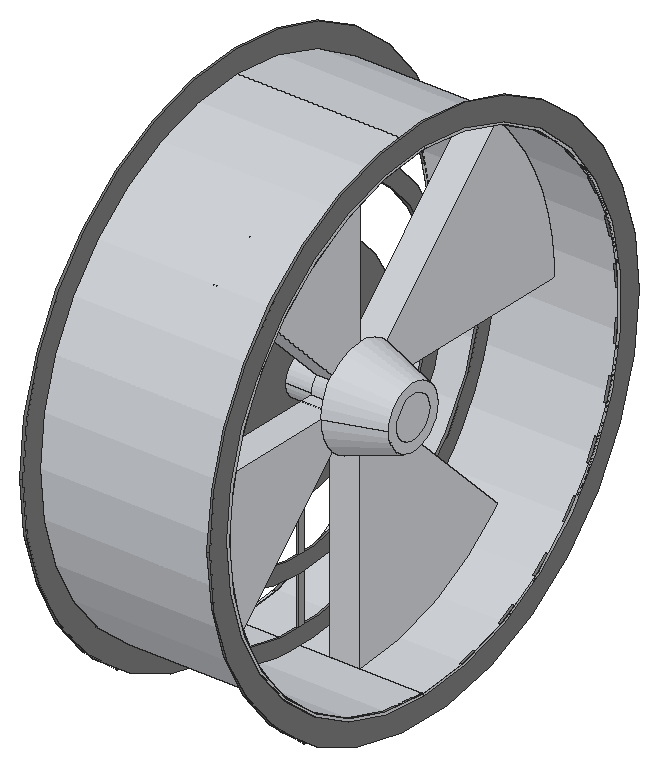
Revit family "НЕВАТОМ_Вентилятор VO фланцевое, версия 1", category Оборудование, Revit 2017
Family settings
  Размер круглого соединителя = Использовать диаметр
  Тип детали = Нормальный
  На основе рабочей плоскости = Нет
  Всегда вертикально = Да
  При загрузке вырезать с полостями = Нет
  Общий = Нет
  Точка расчета площади = Нет
Parameters (values of type "VO 630-4E")
  С = 250 mm
  А = 674 mm
  Nevatom_URL = "https://t.me/NEVATOM_Bim_bot"
  D2.1 = D2 - D / 5  # 300.067 mm
  D2 = D1.1 - D / 15  # 428.667 mm
  D1.1 = D1 - D / 5  # 471.533 mm
  D1 = D - D / 15  # 600.133 mm
  D верх вент = D / 8  # 80.375 mm
  H = 221 mm
  D* = D / 12  # 53.583 mm
  D осн вент = D / 5  # 128.6 mm
  D = 643 mm
  B = 707 mm
  ADSK_Частота вращения вентилятора = 1315
  ADSK_Ток = 3.5 A
  ADSK_Размер_Ширина = С  # 250 mm
  ADSK_Размер_Длина = B  # 707 mm
  ADSK_Размер_Высота = B  # 707 mm
  ADSK_Примечание = ""
  ADSK_Полная мощность = 0.81 kW
  ADSK_Позиция = ""
  ADSK_Напряжение = 230 V
  ADSK_Наименование = "Вентилятор осевой"  # constant formula
  ADSK_Материал наименование = "Оцинкованная сталь"  # constant formula
  ADSK_Масса_Текст = "15.0 кг"
  ADSK_Масса = 15
  ADSK_Марка = "VO 630-4E-01"
  ADSK_Количество = 1  # constant formula
  ADSK_Код изделия = ""
  ADSK_Завод-изготовитель = "НЕВАТОМ"  # constant formula
  ADSK_Единица измерения = "шт."
Types (15, lengths in mm): name | С | А | D2.1 | D2 | D1.1 | D1 | D верх вент | H | D* | D осн вент | D | B | ADSK_Частота вращения вентилятора | ADSK_Ток | ADSK_Размер_Ширина | ADSK_Размер_Длина | ADSK_Размер_Высота | ADSK_Полная мощность | ADSK_Напряжение | ADSK_Масса_Текст | ADSK_Масса | ADSK_Марка
  (no name) | 250 | 674 | 300.067 | 428.667 | 471.533 | 600.133 | 80.375 | 221 | 53.583 | 128.6 | 643 | 707 | 1315 | 3.5 A | 250 | 707 | 707 | 0.81 kW | 230 V | "15.0 кг" | 15 | "VO 630-4E-01"
  VO 200-4E | 180 | 230 | 97.067 | 138.667 | 152.533 | 194.133 | 26 | 126 | 17.333 | 41.6 | 208 | 250 | 1460 | 0.12 A | 180 | 250 | 250 | 0.03 kW | 230 V | "1.9 кг" | 1.9 | "VO 200-4Е-01"
  VO 250-4E | 180 | 285 | 121.333 | 173.333 | 190.667 | 242.667 | 32.5 | 134 | 21.667 | 52 | 260 | 310 | 1380 | 0.22 A | 180 | 310 | 310 | 0.05 kW | 230 V | "2.5 кг" | 2.5 | "VO 250-4Е-01"
  VO 300-4Е | 180 | 356 | 144.667 | 206.667 | 227.333 | 289.333 | 38.75 | 158 | 25.833 | 62 | 310 | 382 | 1370 | 0.38 A | 180 | 382 | 382 | 0.09 kW | 230 V | "3.2 кг" | 3.2 | "VO 300-4Е-01"
  VO 350-4Е | 180 | 395 | 167.533 | 239.333 | 263.267 | 335.067 | 44.875 | 158 | 29.917 | 71.8 | 359 | 421 | 1370 | 0.68 A | 180 | 421 | 421 | 0.14 kW | 230 V | "4.7 кг" | 4.7 | "VO 350-4Е-01"
  VO 400-4Е | 190 | 438 | 186.667 | 266.667 | 293.333 | 373.333 | 50 | 171 | 33.333 | 80 | 400 | 465 | 1350 | 0.81 A | 190 | 465 | 465 | 0.18 kW | 230 V | "6.1 кг" | 6.1 | "VO 400-4Е-01"
  VO 450-4E | 190 | 487 | 214.667 | 306.667 | 337.333 | 429.333 | 57.5 | 183 | 38.333 | 92 | 460 | 515 | 1380 | 1.15 A | 190 | 515 | 515 | 0.25 kW | 230 V | "6.9 кг" | 6.9 | "VO 450-4Е-01"
  VO 400-4D | 190 | 438 | 186.667 | 266.667 | 293.333 | 373.333 | 50 | 171 | 33.333 | 80 | 400 | 465 | 1380 | 0.48 A | 190 | 465 | 465 | 0.19 kW | 380 V | "6.1 кг" | 6.1 | "VO 400-4D-01"
  VO 450-4D | 190 | 487 | 214.667 | 306.667 | 337.333 | 429.333 | 57.5 | 183 | 38.333 | 92 | 460 | 515 | 1400 | 0.58 A | 190 | 515 | 515 | 0.25 kW | 380 V | "6.9 кг" | 6.9 | "VO 450-4D-01"
  VO 500-4E | 250 | 541 | 239.4 | 342 | 376.2 | 478.8 | 64.125 | 186 | 42.75 | 102.6 | 513 | 567 | 1320 | 1.85 A | 250 | 567 | 567 | 0.42 kW | 230 V | "9.5 кг" | 9.5 | "VO 500-4E-01"
  VO 500-4D | 250 | 541 | 239.4 | 342 | 376.2 | 478.8 | 64.125 | 186 | 42.75 | 102.6 | 513 | 567 | 1320 | 0.93 A | 250 | 567 | 567 | 0.45 kW | 380 V | "9.5 кг" | 9.5 | "VO 500-4D-01"
  VO 560-4E | 250 | 605 | 263.667 | 376.667 | 414.333 | 527.333 | 70.625 | 201 | 47.083 | 113 | 565 | 635 | 1310 | 2.45 A | 250 | 635 | 635 | 0.55 kW | 230 V | "10.5 кг" | 10.5 | "VO 560-4E-01"
  VO 560-4D | 250 | 605 | 263.667 | 376.667 | 414.333 | 527.333 | 70.625 | 201 | 47.083 | 113 | 565 | 635 | 1300 | 1.2 A | 250 | 635 | 635 | 0.65 kW | 380 V | "10.5 кг" | 10.5 | "VO 560-4D-01"
  VO 630-4E | 250 | 674 | 300.067 | 428.667 | 471.533 | 600.133 | 80.375 | 221 | 53.583 | 128.6 | 643 | 707 | 1315 | 3.5 A | 250 | 707 | 707 | 0.81 kW | 230 V | "15.0 кг" | 15 | "VO 630-4E-01"
  VO 630-4D | 250 | 674 | 300.067 | 428.667 | 471.533 | 600.133 | 80.375 | 221 | 53.583 | 128.6 | 643 | 707 | 1365 | 1.95 A | 250 | 707 | 707 | 0.86 kW | 380 V | "15.0 кг" | 15 | "VO 630-6D-01"
Reference planes
  plane 1 "По центру (Вперед/Назад)": y = 0
  plane 2: z = 0
  plane 3 "По центру (Влево/Вправо)": x = 0
  plane 4: x = -110.5
  plane 5: x = 110.5
  plane 6: y = -321.5
  plane 7: y = 235.25
  plane 8: x = -40
  plane 9: x = 40
  plane 10: y = 235.25
  plane 11: y = -235.25
  plane 12: z = 321.5
  plane 13: z = -321.5
  plane 14: x = -125
  plane 15: x = 125
Forms (mm)
  Extrusion 1, solid
    sketch origin (0, 0, 0) x (0, 1, 0) y (0, 0, 1)
      loop
        circle (0, 0) r 26.792
    from -110.5 to 110.5
  Blend 2, solid
    base sketch origin (0, 0, 0) x (0, 1, 0) y (0, 0, 1)
      loop
        circle (0, 0) r 64.3
    top sketch origin (0, 0, 0) x (0, 1, 0) y (0, 0, 1)
      loop
        circle (0, 0) r 40.188
    from 40 to 110.5
  Extrusion 3, void
    sketch origin (0, 0, 0) x (0, 1, 0) y (0, 0, 1)
      loop
        circle (0, 0) r 72
      loop
        circle (0, 0) r 64.3
      loop
        circle (0, 0) r 208
      loop
        circle (0, 0) r 26.792
      loop
        circle (0, 0) r 100.2
    from -40 to -37
  Extrusion 4, solid
    sketch origin (0, 0, 0) x (0, 1, 0) y (0, 0, 1)
      loop
        circle (0, 0) r 64.3
    from -110.5 to -40
  Sweep 5, solid, material "Стена по умолчанию"
    path origin (0, 0, 0) x (1, 0, 0) y (0, 0, -1)
      loop
        line (-37, 318.5) -> (-37, -318.5)
    profile origin (-37, 0, 0) x (1, 0, 0) y (0, 1, 0)
      loop
        line (-3, 3.808) -> (-3, -3.808) -> (0, -3.808) -> (0, 3.808) -> (-3, 3.808)
  Extrusion 6, void
    sketch origin (0, 0, 0) x (0, 1, 0) y (0, 0, 1)
      loop
        circle (0, 0) r 235.767
      loop
        circle (0, 0) r 300.067
    from 0 to -40
  Extrusion 7, void
    sketch origin (0, 0, 0) x (0, 1, 0) y (0, 0, 1)
      loop
        circle (0, 0) r 150.033
      loop
        circle (0, 0) r 214.333
    from 0 to -40
  Extrusion 8, solid
    sketch origin (0, 0, 0) x (0, 1, 0) y (0, 0, 1)
      loop
        circle (0, 0) r 321.5
    from 0 to 40
  Extrusion 9, void
    sketch origin (0, 0, 0) x (0, 1, 0) y (0, 0, 1)
      loop
        arc (0, 29.167) -> (11.162, 26.946) -> (20.624, 20.624) r 29.167
        line (20.624, 20.624) -> (227.335, 227.335)
        arc (227.335, 227.335) -> (123.033, 297.027) -> (0, 321.5) r 321.5
        line (0, 321.5) -> (0, 29.167)
      loop
        arc (29.167, 0) -> (26.946, -11.162) -> (20.624, -20.624) r 29.167
        line (20.624, -20.624) -> (292.211, -292.211)
        arc (292.211, -292.211) -> (381.792, -158.143) -> (413.248, 0) r 413.248
        line (413.248, 0) -> (29.167, 0)
      loop
        line (-20.624, 20.624) -> (-227.335, 227.335)
        arc (-227.335, 227.335) -> (-297.027, 123.033) -> (-321.5, 0) r 321.5
        line (-321.5, 0) -> (-29.167, 0)
        arc (-29.167, 0) -> (-26.946, 11.162) -> (-20.624, 20.624) r 29.167
      loop
        arc (-227.335, -227.335) -> (-123.033, -297.027) -> (0, -321.5) r 321.5
        line (0, -321.5) -> (0, -29.167)
        arc (0, -29.167) -> (-11.162, -26.946) -> (-20.624, -20.624) r 29.167
        line (-20.624, -20.624) -> (-227.335, -227.335)
    from 0 to 40
  Extrusion 10, solid, material "Реш"
    sketch origin (0, 0, 0) x (0, 1, 0) y (0, 0, 1)
      loop
        circle (0, 0) r 321.5
    from -40 to -37
  Revolve 11, solid
    sketch origin (0, 0, 0) x (1, 0, 0) y (0, 0, 1)
      loop
        line (-125, 324.5) -> (-125, 321.5) -> (125, 321.5) -> (125, 324.5) -> (-125, 324.5)
      axis (-125, 0) -> (125, 0)
    angle from 0 to 360
  Extrusion 12, solid, material "Реш"
    sketch origin (0, 0, 0) x (0, 1, 0) y (0, 0, 1)
      loop
        circle (0, 0) r 321.5
      loop
        circle (0, 0) r 353.5
    from 121.82 to 125
  Extrusion 13, solid, material "Реш"
    sketch origin (0, 0, 0) x (0, 1, 0) y (0, 0, 1)
      loop
        circle (0, 0) r 321.5
      loop
        circle (0, 0) r 353.5
    from -125 to -121.918
Cuts and joins
  Extrusion 3, Extrusion 9 cuts Extrusion 1
  Extrusion 3, Extrusion 9 cuts Blend 2
  Extrusion 9 cuts Extrusion 8
  Extrusion 6, Extrusion 7 cuts Extrusion 10
Lines and regions (mm)
  reference lines
    curve 1: circle (0, 0, 0) r 235.767 normal (1, 0, 0)
    curve 2: circle (0, 0, 0) r 300.067 normal (1, 0, 0)
    curve 3: circle (0, 0, 0) r 214.333 normal (1, 0, 0)
    curve 4: circle (0, 0, 0) r 150.033 normal (1, 0, 0)
    curve 5: circle (0, 0, 0) r 321.5 normal (1, 0, 0)
    curve 6: circle (0, 0, 0) r 26.792 normal (1, 0, 0)
Dimensions and locks
  equal spacing: plane 4, plane 3 "По центру (Влево/Вправо)", plane 5
  "H": plane 4 to plane 5
  equal spacing: plane 8, plane 3 "По центру (Влево/Вправо)", plane 9
  equal spacing: plane 10, plane 1 "По центру (Вперед/Назад)", plane 11
  "D": plane 12 to plane 13
  equal spacing: plane 13, level, plane 12
  plane 13 to plane 12 = 643 mm
  Sweep 5 sketch curve to Sweep 5 sketch curve = 7.615 mm
  locked: Sweep 5 sketch curve to Sweep 5 sketch curve at 7.615
  equal spacing: plane 14, plane 3 "По центру (Влево/Вправо)", plane 15
  "С": plane 14 to plane 15
  locked: Revolve 11 sketch curve to Revolve 11 sketch curve at 3
  locked: Extrusion 12 to plane 15 at 3.18
  locked: plane 14 to Extrusion 13 at 3.082
  "D*": diameter of Extrusion 1 sketch curve
  "D верх вент": diameter of Blend 2 sketch curve
  "D осн вент": diameter of Blend 2 sketch curve
  "D осн вент": diameter of Extrusion 4 sketch curve
  "D1": diameter of curve 2
  "D1.1": diameter of curve 1
  "D2": diameter of curve 3
  "D2.1": diameter of curve 4
  "D": diameter of Extrusion 8 sketch curve
  diameter of Extrusion 8 = 643 mm
  "D": diameter of curve 5
  "D*": diameter of curve 6
  "B": diameter of Extrusion 12 sketch curve
  "B": diameter of Extrusion 13 sketch curve
  locked: Extrusion 9 sketch curve to Extrusion 9 sketch curve (angle 45.00°)  (x4)
  aligned and locked: level to plane 2
  aligned and locked: plane 5 to Extrusion 1
  aligned and locked: Extrusion 1 to plane 4
  aligned and locked: plane 5 to Blend 2
  aligned and locked: Extrusion 3 to plane 8
  aligned and locked: cut or joined group of Blend 2, Extrusion 3, Extrusion 9 to plane 9
  aligned and locked: Extrusion 4 to plane 4
  aligned and locked: plane 8 to Extrusion 4
  aligned and locked: Extrusion 3 sketch curve to cut or joined group of Extrusion 1, Extrusion 3, Extrusion 9
  aligned and locked: Extrusion 3 sketch curve to Extrusion 4
  aligned and locked: Extrusion 6 to plane 8
  aligned and locked: Extrusion 6 sketch curve to curve 1
  aligned and locked: Extrusion 6 sketch curve to curve 2
  aligned and locked: Extrusion 7 to plane 8
  aligned and locked: Extrusion 7 sketch curve to curve 4
  aligned and locked: Extrusion 7 sketch curve to curve 3
  aligned and locked: Extrusion 8 to plane 9
  aligned and locked: Extrusion 8 to plane 3 "По центру (Влево/Вправо)"
  aligned and locked: Extrusion 9 sketch curve to level
  aligned and locked: Extrusion 9 sketch curve to plane 1 "По центру (Вперед/Назад)"  (x2)
  aligned and locked: Extrusion 10 sketch curve to curve 5
  aligned and locked: Extrusion 10 to plane 8
  aligned and locked: Extrusion 9 to plane 9
  aligned and locked: Extrusion 9 sketch curve to cut or joined group of Extrusion 6, Extrusion 7, Extrusion 10  (x3)
  aligned and locked: Extrusion 9 sketch curve to Extrusion 9 sketch curve  (x3)
  aligned and locked: Revolve 11 sketch curve to plane 12
  aligned and locked: Revolve 11 sketch curve to plane 15
  aligned and locked: plane 14 to Revolve 11 sketch curve
  aligned and locked: Revolve 11 sketch curve to level
  aligned and locked: Extrusion 12 sketch curve to Revolve 11  (x2)
  aligned and locked: plane 15 to Extrusion 12
  aligned and locked: Extrusion 13 sketch curve to Revolve 11  (x2)
  aligned and locked: Extrusion 13 to plane 14
  aligned and locked: nested 1 to cut or joined group of Extrusion 1, Extrusion 3, Extrusion 9
Automatic sketch dimensions
  plane 13 to Sweep 5 sketch curve = 3 mm
  profile plane to Sweep 5 sketch curve = 0 mm
  profile plane to Sweep 5 sketch curve = 3 mm
  Sweep 5 sketch curve to profile plane = 3.808 mm
  plane 8 to Sweep 5 sketch curve = 3 mm
  plane 12 to Sweep 5 sketch curve = 3 mm
  Extrusion 3 sketch curve to Extrusion 3 sketch curve = 0 mm  (x6)
  Extrusion 9 sketch curve to level = 20.624 mm
  level to Extrusion 9 sketch curve = 20.624 mm
  Extrusion 9 sketch curve to Extrusion 9 sketch curve = 8.543 mm  (x2)
  Extrusion 9 sketch curve to Extrusion 9 sketch curve = 20.624 mm
  Extrusion 9 sketch curve to Extrusion 9 sketch curve = 0 mm
  plane 13 to Extrusion 9 sketch curve = 29.289 mm
  Revolve 11 sketch curve to plane 14 = 1226.99 mm
  plane 15 to Revolve 11 sketch curve = 1773.983 mm
  Extrusion 1 sketch curve to level = 0 mm
  Extrusion 1 sketch curve to plane 1 "По центру (Вперед/Назад)" = 0 mm
  curve 1 to curve 2 = 0 mm  (x2)
  curve 1 to curve 3 = 0 mm  (x2)
  curve 1 to curve 4 = 0 mm  (x2)
  curve 2 to curve 6 = 0 mm
  curve 3 to curve 6 = 0 mm
  curve 5 to curve 6 = 0 mm  (x2)
  curve 2 to level = 0 mm
  curve 2 to plane 1 "По центру (Вперед/Назад)" = 0 mm
  Blend 2 sketch curve to level = 0 mm  (x2)
  Blend 2 sketch curve to plane 1 "По центру (Вперед/Назад)" = 0 mm  (x2)
  Extrusion 4 sketch curve to level = 0 mm
  Extrusion 4 sketch curve to plane 1 "По центру (Вперед/Назад)" = 0 mm
  Extrusion 8 sketch curve to level = 0 mm
  Extrusion 8 sketch curve to plane 1 "По центру (Вперед/Назад)" = 0 mm
  Extrusion 12 sketch curve to Extrusion 12 sketch curve = 0 mm  (x2)
  Extrusion 12 sketch curve to plane 1 "По центру (Вперед/Назад)" = 0 mm  (x2)
  Extrusion 13 sketch curve to Extrusion 13 sketch curve = 0 mm  (x2)
  Extrusion 13 sketch curve to plane 1 "По центру (Вперед/Назад)" = 0 mm  (x2)
  radius of Extrusion 3 sketch curve = 72 mm
  radius of Extrusion 3 sketch curve = 208 mm
  radius of Extrusion 3 sketch curve = 100.2 mm
Nested families
  nested 1: "НЕВАТОМ_QR-D" at (-112.5, 0, 0), type "Nevatom_Logo_50", not visible
Connectors
  hvac at (-125, 0, 0), driven by "D"
    settings: on Extrusion 13, index 1, duct flow 0.0 L/s, flow factor 0, pres drop 0.0 Pa, loss coef 0, conn angle 0.00°, conn width 304.8 mm, conn height 304.8 mm, conn diameter 643 mm, duct sys type 29, conn prof type 0, flow config 0, flow direction 0, loss method 0, conn ref index 3, conn util no, is conn primary yes, conn desc ""
  hvac at (125, 0, 0), driven by "D"
    settings: on Extrusion 12, index 3, duct flow 0.0 L/s, flow factor 0, pres drop 0.0 Pa, loss coef 0, conn angle 0.00°, conn width 304.8 mm, conn height 304.8 mm, conn diameter 643 mm, duct sys type 29, conn prof type 0, flow config 0, flow direction 0, loss method 0, conn ref index 1, conn util no, is conn primary no, conn desc ""
Definition of nested family "НЕВАТОМ_QR-D"
  Parameters (values of type "Nevatom_Logo_200")
    Nevatom_Logo_D = none
    L = 2 mm
    D = 200 mm
  Types (4, lengths in mm): name | D
    (no name) | 200
    Nevatom_Logo_50 | 50
    Nevatom_Logo_100 | 100
    Nevatom_Logo_200 | 200
  Reference planes
    plane 1 "По центру (Вперед/Назад)": y = 0
    plane 2: z = 0
    plane 3 "По центру (Влево/Вправо)": x = 0
  Forms (mm)
    Extrusion 1, solid, material <- "Nevatom_Logo_D"
      sketch origin (0, 0, 0) x (0, 1, 0) y (0, 0, 1)
        loop
          circle (0, 0) r 100
      from 0 to 2 <- "L"
  Dimensions and locks
    "D": diameter of Extrusion 1 sketch curve
    aligned and locked: level to plane 2
  Automatic sketch dimensions
    Extrusion 1 sketch curve to level = 0 mm
    Extrusion 1 sketch curve to plane 1 "По центру (Вперед/Назад)" = 0 mm
